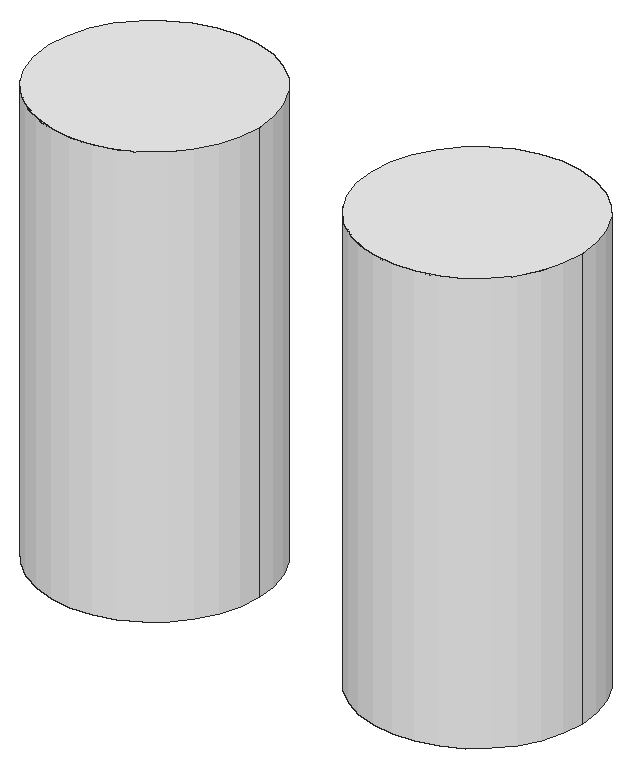
Revit family "565322030037(2020)", category Plumbing Fixtures, Revit 2018
Family settings
  Round Connector Dimension = Use Diameter
  Part Type = Normal
  OmniClass Number = 23.45.55.00
  OmniClass Title = Sanitary Faucets, Wastes
  Work Plane-Based = No
  Always vertical = Yes
  Cut with Voids When Loaded = No
  Shared = No
  Room Calculation Point = No
Parameters (values of type "565322030037 Kitchen faucet ")
  Working Pressure = "50 - 1000 kPa"
  WarrantyStartDate [instance] = "n/a"
  WarrantyGuarantorParts = "n/a"
  WarrantyGuarantorLabor = "n/a"
  WarrantyDurationUnit = "Year"
  WarrantyDurationParts = "n/a"
  WarrantyDurationLabor = "n/a"
  WarrantyDescription = "http://warranty.hansa.com"
  Warranty Information URL = "http://warranty.hansa.com"
  VersionDate = "01/07/2022"
  Version = "3"  # constant formula
  ValvePattern = "n/a"
  ValveOperation = "n/a"
  ValveMechanism = "n/a"
  Uniclass2015Reference = "Pr_40_20_87_96"
  Uniclass2015Description = "Washbasin manual water supply sets"
  Uniclass2 = "Pr_40_30_96_96"
  URL REACH = "http://static.hansa.com/doc/reach"
  URL Global Mark = "http://static.hansa.com/Globalmark/565322030037"
  URL Declaration of Conformity = "http://static.hansa.com/DoC/565322030037"
  URL = ""
  UNSPSC Class Number = "30181700 Faucets or taps"
  TestPressure = "n/a"
  Temperature Adjustments = "Limitation option for maximum temperature and flow-rate ;Adjustable hot water stop (included, retrofittable)"
  Technical DataSheet URL = "http://www.hansa.com/datasheet/565322030037/en"
  TagNumber [instance] = "n/a"
  SustainabilityPerformance = "n/a"
  Surface treatment = "Chrome"
  Spout Type = "Swivel spout;Swivel range limiting option"
  Spout Swivel Range = "120°"
  Spout Projection = "215 mm"
  Spare-Part Information URL = "http://static.hansa.com/sp/565322030037"
  Size = "50x255x170 mm"
  Shape = "Sculptured"
  SerialNumber [instance] = "n/a"
  Sales Package dimensions (LxWxH) = "362 x 278 x 63"
  Revision = "3"  # constant formula
  ReplacementCost = "n/a"
  ProductInformation = "n/a"
  Product URL = "http://static.hansa.com/565322030037"
  Product Image URL = "http://static.hansa.com/image/565322030037"
  Product Family = "HANSAPALENO "
  Product Code = "565322030037"
  OperatingMechanismMaterial = "n/a"
  NominalWidth = 51 mm
  NominalHeight = 169 mm
  NominalDepth = 255 mm
  Noise Class = "I(ISO3822)"
  Name_en = "565322030037 Kitchen faucet"
  Name = "565322030037 Kitchen faucet"
  NBSReference = "45-35-70/371"
  NBSDescription = "Water supply fittings for wash basins and troughs"
  Mounting Holes = "1 hole"
  ModelReference = "565322030037"
  ModelNumber = "n/a"
  Model = "565322030037 Kitchen faucet"
  Mobile Product Information URL = "http://mpi.hansa.com/565322030037"
  Mechanical Parts = "ø 35 mm ceramic cartridge for flow and temperature control"
  Max. Hot Water Supply = 70 °C
  Material = "Brass"
  Market = "International;Australia"
  ManufacturerURL = "http://www.hansa.com"
  ManufacturerName = "HANSA"
  Manufacturer = "HANSA"
  Lever Handle = "Hot/Cold symbols;Single operating lever/handle"
  Interactive AR View URL = "https://static.hansa.com/AR/565322030037"
  InstallationDate [instance] = "n/a"
  Installation and Maintenance Guide URL = "http://static.hansa.com/manual/565322030037"
  Installation Type = "Deck mounted"
  InletConnectionSize = 15 mm
  IfcExportType = "FAUCET"  # constant formula
  IfcExportAs = "IfcValveType"  # constant formula
  Group = "Kitchen faucet"
  Grade = "n/a"
  FlowCoefficient = 0
  Flow Rate At 300kPa With Flow Controller = 0.12 L/s
  Flow Drawing URL = "http://static.hansa.com/flowchart/565322030037"
  Finish = "Polished"
  Features = "Single-lever"
  FaucetMainMaterial = Brass
  FDV Document URL = "http://www.hansa.com/datasheet/565322030037/en/fdv"
  ExpectedLife = "n/a"
  ETIM Class Number = "EC011431 Kitchen mixing tap"
  EN Standard = "EN 817"
  EAN Number = "4057304012310"
  DurationUnit = "Year"
  Dimension Drawing URL = "http://static.hansa.com/dimdrw/565322030037"
  Description = ""
  DefaultElevation [instance] = 900 mm
  Constituents = "n/a"
  Connection Size = "G1/2"
  Connection = "Flexible inlet pipes"
  Color = "Chrome"
  CodePerformance = "n/a"
  CloseOffRating = 0
  Certificate Global Mark = "GM-WM-040199-I02-R00"
  Category = "Kitchen"
  Catalog Drawing URL = "http://static.hansa.com/catdrw/565322030037"
  Brand = "HANSA"
  BodyMaterial = "Brass"
  Barcode [instance] = "n/a"
  Backflow Prevention EN1717 = "AA"
  BIMObjectName = "565322030037(2020)"
  Author = "BIMStone"
  AssetType = "Fixed"
  AssetIdentifier [instance] = "n/a"
  Aerator = "PCA® - constant flow rate regardless of pressure variations"
  Advanced Features = "3S-installation system for safe and simple mounting"
  AccessibilityPerformance = "n/a"
  3D View = "https://static.hansa.com/3D/565322030037"
  2D/3D/BIM Files URL = "http://static.hansa.com/bim/565322030037"
Reference planes
  plane 1 "Center (Front/Back)": y = 0
  plane 2: z = 0
  plane 3 "Center (Left/Right)": x = 0
  plane 4: x = -25.5
  plane 5: z = 1069
  plane 6: z = 900
  plane 7: z = 870
  plane 8: y = -255
  plane 9: x = 25.5
Forms (mm)
  Extrusion 1, solid, material "Brass" <- "FaucetMainMaterial"
    sketch origin (0, -3, 0) x (1, 0, 0) y (0, 1, 0)
      loop
        circle (-11.5, -22.5) r 7.5
      loop
        circle (11.5, -22.5) r 7.5
    from 870 to 900
Dimensions and locks
  "NominalHeight": plane 5 to plane 6
  "DefaultElevation": plane 6 to level
  locked: plane 6 to plane 7 at 30
  "NominalDepth": plane 8 to plane 1 "Center (Front/Back)"
  equal spacing: plane 4, plane 3 "Center (Left/Right)", plane 9
  "NominalWidth": plane 4 to plane 9
  "InletConnectionSize": diameter of Extrusion 1 sketch curve  (x2)
  aligned and locked: level to plane 2
  aligned and locked: plane 6 to Extrusion 1
  aligned and locked: Extrusion 1 to plane 7
  aligned and locked: nested 2 to plane 6
  aligned and locked: plane 1 "Center (Front/Back)" to nested 2
  aligned and locked: plane 5 to nested 2
Automatic sketch dimensions
  Extrusion 1 sketch curve to plane 3 "Center (Left/Right)" = 11.5 mm
  plane 3 "Center (Left/Right)" to Extrusion 1 sketch curve = 11.5 mm
  plane 1 "Center (Front/Back)" to Extrusion 1 sketch curve = 25.5 mm  (x2)
Nested families
  nested 1: "Symbol" at (0, 0, 0), type "Symbol", detail levels coarse
  nested 2: "565322030037_p" at (0, 0, 900), Material <- "FaucetMainMaterial", type "565322030037_p"
    with Material Brass
Connectors
  piping at (-11.5, -25.5, 870), diameter 15, driven by "InletConnectionSize"
    settings: on Extrusion 1, index 1, connector inside diameter 609.6 mm, connector length 0 mm, flow factor 0, pipe flow 0.1 L/s, pressure drop 0.0 Pa, fitting loss kfactor 0, connector angle 0.00°, fixture units 0, engagement length 0 mm, angle of deflection 0.00°, flow configuration 1, flow direction 1, fitting loss method 0, system type 19, joint type 0, gender type 0, connector reference index -1, connector utility 0, adjustable connector no, is connector primary yes, connector description ""
  piping at (11.5, -25.5, 870), diameter 15, driven by "InletConnectionSize"
    settings: on Extrusion 1, index 2, connector inside diameter 609.6 mm, connector length 0 mm, flow factor 0, pipe flow 0.1 L/s, pressure drop 0.0 Pa, fitting loss kfactor 0, connector angle 0.00°, fixture units 0, engagement length 0 mm, angle of deflection 0.00°, flow configuration 1, flow direction 1, fitting loss method 0, system type 20, joint type 0, gender type 0, connector reference index -1, connector utility 0, adjustable connector no, is connector primary no, connector description ""
Definition of nested family "Symbol"
  Reference planes
    plane 1: y = 0
    plane 2: x = 0
  Lines and regions (mm)
    detail lines
      curve 1: line (0, 0, 0) -> (0, -1.8, 0)
      curve 2: line (-0.4, -1.1, 0) -> (0.4, -1.1, 0)
      curve 3: line (-0.4, -1.4, 0) -> (0.4, -1.4, 0)
      curve 4: line (0.863, 0, 0) -> (-0.863, 0, 0)
      curve 5: circle (-1.163, 0, 0) r 0.3 normal (0, 0, -1)
      curve 6: circle (1.163, 0, 0) r 0.3 normal (0, 0, 1)
Definition of nested family "565322030037_p"
  Parameters (values of type "565322030037_p")
    Material [instance] = none
  Reference planes
    plane 1 "Center (Front/Back)": y = 0
    plane 2: z = 0
    plane 3 "Center (Left/Right)": x = 0
  Forms (mm)
    Extrusion 1, solid, material <- "Material", detail levels coarse
      sketch origin (0, 0, -900) x (1, 0, 0) y (0, 1, 0)
        loop
          line (25.5, 0) -> (-25.5, 0) -> (-25.5, -255) -> (25.5, -255) -> (25.5, 0)
      from 900 to 1069
    Revolve 2, solid, material <- "Material", detail levels medium
      sketch origin (0, 0, 0) x (0, 1, 0) y (0, 0, 1)
        loop
          line (-25.5, 0) -> (0, 0) -> (0, 47.5) -> (-0.993, 123.96) -> (-2.721, 123.96)
          arc (-2.721, 123.96) -> (-3.769, 130.056) -> (-6.504, 135.604) r 21.584
          line (-6.504, 135.604) -> (-1.647, 137.869) -> (-4.456, 178.05) -> (-25.5, 178.05) -> (-25.5, 0)
        axis (-25.5, 0) -> (-25.5, 178.05)
      angle from 0 to 360
    Extrusion 3, void
      sketch origin (0, 0, 0) x (0, 1, 0) y (0, 0, 1)
        loop
          line (0, 181.8) -> (-238.453, 181.8) -> (0, 158.561) -> (0, 181.8)
      from 50 to -50
    Extrusion 4, solid, material <- "Material", detail levels medium
      sketch origin (0, 0, 0) x (0, 1, 0) y (0, 0, 1)
        loop
          line (-24.353, 160.934) -> (-66.863, 165.077)
          arc (-66.863, 165.077) -> (-89.016, 167.114) -> (-111.19, 168.909) r 2034.905
          arc (-111.19, 168.909) -> (-112.016, 168.7) -> (-112.549, 168.037) r 1.341
          arc (-112.549, 168.037) -> (-113.714, 162.728) -> (-113.384, 157.304) r 19.706
          arc (-113.384, 157.304) -> (-112.981, 156.601) -> (-112.238, 156.282) r 1.279
          line (-112.238, 156.282) -> (-24.353, 148.893) -> (-24.353, 160.934)
      from -6.884 to 7
    Extrusion 5, solid, material <- "Material", detail levels medium
      sketch origin (0, 0, 0) x (0, 1, 0) y (0, 0, 1)
        loop
          line (-33.571, 84.532) -> (-135.431, 132.03)
          arc (-135.431, 132.03) -> (-162.315, 142.283) -> (-190.393, 148.572) r 200
          line (-190.393, 148.572) -> (-248.818, 157.304)
          arc (-248.818, 157.304) -> (-251.086, 156.882) -> (-252.314, 154.93) r 2.875
          line (-252.314, 154.93) -> (-255, 137.009) -> (-252.234, 136.594) -> (-228.497, 133.037) -> (-225.321, 132.561) -> (-225.171, 133.561) -> (-193.277, 128.781)
          arc (-193.277, 128.781) -> (-168.045, 123.121) -> (-143.883, 113.904) r 180
          line (-143.883, 113.904) -> (-33.929, 62.631) -> (-33.571, 84.532)
      from 15 to -15
    Revolve 6, solid, material <- "Material", detail levels medium
      sketch origin (0, 0, 0) x (0, 1, 0) y (0, 0, 1)
        loop
          line (-241.031, 130.375) -> (-229.163, 128.596) -> (-227.868, 137.236) -> (-239.736, 139.015) -> (-241.031, 130.375)
        axis (-239.736, 139.015) -> (-241.031, 130.375)
      angle from 0 to 360
  Cuts and joins
    Extrusion 3 cuts Revolve 2
    joined: Revolve 2, Extrusion 4, Extrusion 5, Revolve 6
  Lines and regions (mm)
    symbolic lines, detail levels medium+fine
      curve 1: line (0, 0, 0) -> (0, -51, 0)
      curve 2: line (0, -51, 0) -> (0, -51, 47.5)
      curve 3: line (0, -50.702, 70.453) -> (0, -143.883, 113.904)
      curve 4: arc (0, -143.883, 113.904) -> (0, -168.045, 123.121) -> (0, -193.277, 128.781) r 180
      curve 5: line (0, -193.277, 128.781) -> (0, -225.171, 133.561)
      curve 6: line (0, -229.163, 128.596) -> (0, -228.497, 133.037)
      curve 7: line (0, -252.234, 136.594) -> (0, -252.899, 132.154)
      curve 8: line (0, -252.899, 132.154) -> (0, -229.163, 128.596)
      curve 10: line (0, -225.321, 132.561) -> (0, -225.171, 133.561)
      curve 11: line (0, -252.234, 136.594) -> (0, -255, 137.009)
      curve 12: line (0, -255, 137.009) -> (0, -252.314, 154.93)
      curve 13: arc (0, -252.314, 154.93) -> (0, -251.086, 156.882) -> (0, -248.818, 157.304) r 2.875
      curve 14: line (0, -248.818, 157.304) -> (0, -190.393, 148.572)
      curve 15: arc (0, -190.393, 148.572) -> (0, -162.315, 142.283) -> (0, -135.431, 132.03) r 200
      curve 16: line (0, -135.431, 132.03) -> (0, -54.465, 94.275)
      curve 17: arc (0, -54.465, 94.275) -> (0, -52.475, 93.474) -> (0, -50.41, 92.892) r 19.937
      curve 18: line (0, -50.007, 123.96) -> (0, -50.41, 92.892)
      curve 19: line (0, -50.702, 70.453) -> (0, -51, 47.5)
      curve 20: line (0, 0, 0) -> (0, 0, 47.5)
      curve 21: line (0, -0.993, 123.96) -> (0, 0, 47.5)
      curve 23: line (0, -228.497, 133.037) -> (0, -225.321, 132.561)
      curve 24: line (0, -0.993, 123.96) -> (0, -2.721, 123.96)
      curve 25: line (0, -49.846, 126.8) -> (0, -48.006, 126.8)
      curve 27: line (0, -48.304, 123.96) -> (0, -48.006, 126.8)
      curve 28: arc (0, -6.504, 135.604) -> (0, -3.769, 130.056) -> (0, -2.721, 123.96) r 21.584
      curve 29: line (0, -6.504, 135.604) -> (0, -1.968, 137.719)
      curve 31: line (0, -48.304, 123.96) -> (0, -50.007, 123.96)
      curve 33: line (25.5, 0, 0) -> (-25.5, 0, 0)
      curve 34: line (-25.5, 0, 0) -> (-25.5, 0, 47.56)
      curve 35: line (-25.5, 0, 47.56) -> (-24.495, 0, 123.96)
      curve 36: line (-24.362, 0, 126.797) -> (-22.506, 0, 126.797)
      curve 37: line (-24.495, 0, 123.96) -> (-22.754, 0, 123.96)
      curve 38: line (-24.362, 0, 126.797) -> (-24.362, 0, 159.425)
      curve 39: line (-22.506, 0, 126.797) -> (-22.754, 0, 123.96)
      curve 43: line (25.5, 0, 47.56) -> (24.495, 0, 123.96)
      curve 44: line (24.362, 0, 126.797) -> (22.506, 0, 126.797)
      curve 45: line (24.495, 0, 123.96) -> (22.754, 0, 123.96)
      curve 46: line (22.506, 0, 126.797) -> (22.754, 0, 123.96)
      curve 59: line (-15, -239.534, 0) -> (-15, -59.645, 0)
      curve 60: line (15, -239.534, 0) -> (15, -59.645, 0)
      curve 61: spline (-15, -239.534, 0) -> (-14.489, -243.537, 0) -> (-12.99, -247.267, 0) -> (-10.607, -250.47, 0) -> (-7.5, -252.928, 0) -> (-3.882, -254.473, 0) -> (0, -255, 0) -> (3.882, -254.473, 0) -> (7.5, -252.928, 0) -> (10.607, -250.47, 0) -> (12.99, -247.267, 0) -> (14.489, -243.537, 0) -> (15, -239.534, 0)
      curve 63: line (-15, -59.645, 0) -> (-15.824, -46.935, 0)
      curve 64: line (15, -59.645, 0) -> (15.824, -46.935, 0)
      curve 66: arc (20.377, -40.847, 0) -> (-0.397, -0.021, 0) -> (-19.855, -41.49, 0) r 25.494
      curve 72: line (25.5, 0, 0) -> (25.5, 0, 47.56)
      curve 73: arc (0, -1.968, 137.719) -> (0, -2.673, 147.695) -> (0, -3.725, 157.641) r 286.926
      curve 74: arc (0, -3.725, 157.641) -> (0, -4.361, 158.844) -> (0, -5.635, 159.321) r 1.914
      curve 75: arc (0, -5.635, 159.321) -> (0, -7.676, 159.362) -> (0, -9.712, 159.508) r 39.722
      curve 76: line (0, -9.712, 159.508) -> (0, -66.863, 165.077)
      curve 77: arc (0, -66.863, 165.077) -> (0, -89.016, 167.114) -> (0, -111.19, 168.909) r 2034.905
      curve 78: arc (0, -111.19, 168.909) -> (0, -112.016, 168.7) -> (0, -112.549, 168.037) r 1.341
      curve 79: arc (0, -112.549, 168.037) -> (0, -113.714, 162.728) -> (0, -113.384, 157.304) r 19.706
      curve 80: arc (0, -113.384, 157.304) -> (0, -112.981, 156.601) -> (0, -112.238, 156.282) r 1.279
      curve 81: line (0, -58.165, 151.736) -> (0, -112.238, 156.282)
      curve 82: arc (0, -58.165, 151.736) -> (0, -53.266, 149.408) -> (0, -51.115, 144.429) r 7.704
      curve 83: line (0, -51.115, 144.429) -> (0, -49.846, 126.8)
      curve 84: arc (-19.855, -41.49, 0) -> (-17.785, -44.172, 0) -> (-15.824, -46.935, 0) r 84.427
      curve 85: arc (20.377, -40.847, 0) -> (18.032, -43.84, 0) -> (15.824, -46.935, 0) r 84.427
      curve 96: arc (-24.362, 0, 159.425) -> (-23.949, 0, 160.642) -> (-22.882, 0, 161.356) r 1.999
      curve 97: arc (-22.882, 0, 161.356) -> (-15.145, 0, 163.149) -> (-7.302, 0, 164.402) r 114.564
      curve 98: arc (-6.706, 0, 167.144) -> (-7.042, 0, 165.781) -> (-7.302, 0, 164.402) r 25.706
      curve 99: arc (-6.706, 0, 167.144) -> (-6.123, 0, 168.093) -> (-5.123, 0, 168.583) r 2
      curve 104: line (24.362, 0, 126.797) -> (24.362, 0, 159.425)
      curve 105: arc (22.882, 0, 161.356) -> (15.145, 0, 163.149) -> (7.302, 0, 164.402) r 114.564
      curve 106: arc (6.706, 0, 167.144) -> (7.042, 0, 165.781) -> (7.302, 0, 164.402) r 25.706
      curve 107: arc (6.706, 0, 167.144) -> (6.123, 0, 168.093) -> (5.123, 0, 168.583) r 2
      curve 112: arc (-5.123, 0, 168.583) -> (0, 0, 169.029) -> (5.123, 0, 168.583) r 29.678
      curve 115: arc (24.362, 0, 159.425) -> (23.949, 0, 160.642) -> (22.882, 0, 161.356) r 1.999
    symbolic lines, detail levels fine
      curve 9: line (0, -252.234, 136.594) -> (0, -228.497, 133.037)
      curve 22: line (0, 0, 47.5) -> (0, -51, 47.5)
      curve 26: line (0, -25.383, 126.8) -> (0, -6.504, 135.604)
      curve 30: line (0, -48.006, 126.8) -> (0, -25.383, 126.8)
      curve 32: line (0, -2.721, 123.96) -> (0, -48.304, 123.96)
      curve 40: line (-15, 0, 70.474) -> (-15, 0, 154.085)
      curve 41: line (-22.506, 0, 126.797) -> (-15, 0, 126.797)
      curve 42: line (-22.754, 0, 123.96) -> (-15, 0, 123.96)
      curve 47: line (22.506, 0, 126.797) -> (15, 0, 126.797)
      curve 48: line (22.754, 0, 123.96) -> (15, 0, 123.96)
      curve 49: line (-25.5, 0, 47.56) -> (25.5, 0, 47.56)
      curve 50: spline (-15, 0, 154.085) -> (-14.489, 0, 154.949) -> (-12.99, 0, 155.755) -> (-10.607, 0, 156.447) -> (-7.5, 0, 156.978) -> (-3.882, 0, 157.312) -> (0, 0, 157.426) -> (3.882, 0, 157.312) -> (7.5, 0, 156.978) -> (10.607, 0, 156.447) -> (12.99, 0, 155.755) -> (14.489, 0, 154.949) -> (15, 0, 154.085)
      curve 51: arc (-13.012, 0, 68.978) -> (-14.379, 0, 69.231) -> (-15, 0, 70.474) r 1.557
      curve 52: arc (13.012, 0, 68.978) -> (14.379, 0, 69.231) -> (15, 0, 70.474) r 1.557
      curve 53: arc (-13.012, 0, 68.978) -> (0, 0, 70.816) -> (13.012, 0, 68.978) r 47.003
      curve 54: spline (11.961, 0, 130.3) -> (11.554, 0, 129.845) -> (10.359, 0, 129.421) -> (8.458, 0, 129.058) -> (5.981, 0, 128.778) -> (3.096, 0, 128.603) -> (0, 0, 128.543) -> (-3.096, 0, 128.603) -> (-5.981, 0, 128.778) -> (-8.458, 0, 129.058) -> (-10.359, 0, 129.421) -> (-11.554, 0, 129.845) -> (-11.961, 0, 130.3) -> (-11.554, 0, 130.754) -> (-10.359, 0, 131.178) -> (-8.458, 0, 131.542) -> (-5.981, 0, 131.821) -> (-3.096, 0, 131.997) -> (0, 0, 132.056) -> (3.096, 0, 131.997) -> (5.981, 0, 131.821) -> (8.458, 0, 131.542) -> (10.359, 0, 131.178) -> (11.554, 0, 130.754) -> (11.961, 0, 130.3)
      curve 55: spline (-11.961, 0, 134.779) -> (-11.554, 0, 135.234) -> (-10.359, 0, 135.658) -> (-8.458, 0, 136.021) -> (-5.981, 0, 136.301) -> (-3.096, 0, 136.476) -> (0, 0, 136.536) -> (3.096, 0, 136.476) -> (5.981, 0, 136.301) -> (8.458, 0, 136.021) -> (10.359, 0, 135.658) -> (11.554, 0, 135.234) -> (11.961, 0, 134.779)
      curve 56: line (-11.961, 0, 130.3) -> (-11.961, 0, 134.779)
      curve 57: line (11.961, 0, 134.779) -> (11.961, 0, 130.3)
      curve 58: spline (11.961, 0, 133.769) -> (14.424, 0, 134.526) -> (14.937, 0, 135.369) -> (13.431, 0, 136.183) -> (10.109, 0, 136.859) -> (5.421, 0, 137.304) -> (0, 0, 137.46) -> (-5.421, 0, 137.304) -> (-10.109, 0, 136.859) -> (-13.431, 0, 136.183) -> (-14.937, 0, 135.369) -> (-14.424, 0, 134.526) -> (-11.961, 0, 133.769)
      curve 62: spline (-15, -239.534, 0) -> (-14.489, -242.782, 0) -> (-12.99, -245.808, 0) -> (-10.607, -248.407, 0) -> (-7.5, -250.401, 0) -> (-3.882, -251.655, 0) -> (0, -252.082, 0) -> (3.882, -251.655, 0) -> (7.5, -250.401, 0) -> (10.607, -248.407, 0) -> (12.99, -245.808, 0) -> (14.489, -242.782, 0) -> (15, -239.534, 0)
      curve 65: line (15, 0, 70.474) -> (15, 0, 154.085)
      curve 67: line (0, -50.41, 92.892) -> (0, -47.092, 92.003)
      curve 68: line (0, -45.434, 90.064) -> (0, -45.434, 70.064)
      curve 69: line (0, -50.702, 70.453) -> (0, -46.792, 68.63)
      curve 70: arc (0, -45.434, 70.064) -> (0, -45.827, 69.076) -> (0, -46.792, 68.63) r 1.436
      curve 71: arc (0, -47.092, 92.003) -> (0, -45.905, 91.34) -> (0, -45.434, 90.064) r 1.963
      curve 86: arc (-15.824, -46.935, 0) -> (-13.337, -50.642, 0) -> (-10.897, -54.379, 0) r 361.34
      curve 87: line (-6.832, -111.128, 0) -> (-7.6, -67.128, 0)
      curve 88: arc (-7.6, -67.128, 0) -> (-8.494, -60.559, 0) -> (-10.897, -54.379, 0) r 28.215
      curve 89: arc (15.824, -46.935, 0) -> (13.337, -50.642, 0) -> (10.897, -54.379, 0) r 361.34
      curve 90: line (6.834, -111.047, 0) -> (7.6, -67.128, 0)
      curve 91: arc (7.6, -67.128, 0) -> (8.494, -60.559, 0) -> (10.897, -54.379, 0) r 28.215
      curve 92: arc (-5.305, -113.036, 0) -> (0.022, -113.653, 0) -> (5.339, -112.948, 0) r 21.772
      curve 93: arc (-5.305, -113.036, 0) -> (-6.394, -112.343, 0) -> (-6.832, -111.128, 0) r 2
      curve 94: arc (5.339, -112.948, 0) -> (6.406, -112.249, 0) -> (6.834, -111.047, 0) r 2
      curve 95: arc (-19.855, -41.49, 0) -> (-0.358, -2.435, 0) -> (20.377, -40.847, 0) r 24.594
      curve 100: line (-15, 0, 146.797) -> (-17.006, 0, 146.797)
      curve 101: line (-21.056, 0, 160.238) -> (-21.056, 0, 150.847)
      curve 102: arc (-21.056, 0, 150.847) -> (-19.87, 0, 147.983) -> (-17.006, 0, 146.797) r 4.049
      curve 103: arc (-20.406, 0, 161.991) -> (-20.888, 0, 161.173) -> (-21.056, 0, 160.238) r 2.69
      curve 108: line (15, 0, 146.797) -> (17.006, 0, 146.797)
      curve 109: line (21.056, 0, 160.238) -> (21.056, 0, 150.847)
      curve 110: arc (21.056, 0, 150.847) -> (19.87, 0, 147.983) -> (17.006, 0, 146.797) r 4.049
      curve 111: arc (20.406, 0, 161.991) -> (20.888, 0, 161.173) -> (21.056, 0, 160.238) r 2.69
      curve 113: arc (-7.302, 0, 164.402) -> (-7.626, 0, 160.699) -> (-7.412, 0, 156.989) r 25.706
      curve 114: arc (7.302, 0, 164.402) -> (7.626, 0, 160.699) -> (7.412, 0, 156.989) r 25.706
  Dimensions and locks
    aligned and locked: level to plane 2
